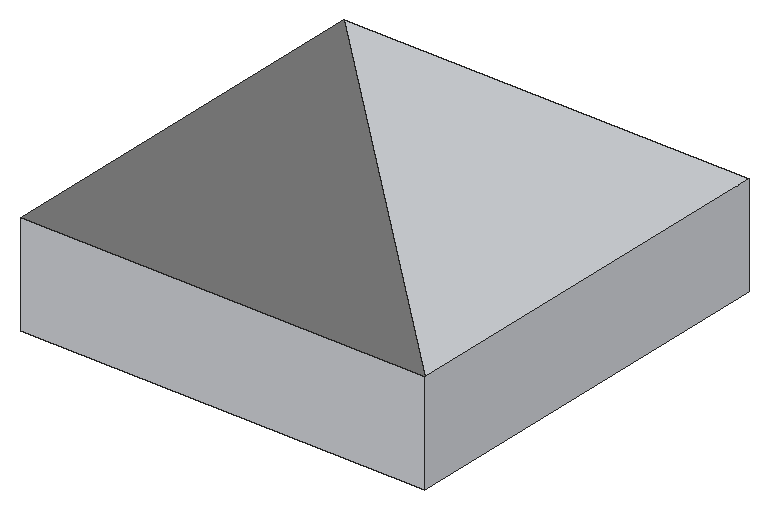
Revit family "電線管用ファミリ(片側のみ)_13", category Electrical Fixtures, Revit 2021
Family settings
  Maintain Annotation Orientation = Yes
  Round Connector Dimension = Use Diameter
  Part Type = Normal
  OmniClass Number = 23.80.00.00
  OmniClass Title = Electric Power and Lighting
  Work Plane-Based = No
  Always vertical = Yes
  Cut with Voids When Loaded = No
  Shared = No
  Room Calculation Point = No
Parameters
  コネクタ直径 [instance] = 16 mm
  W [instance] = 200 mm
  Default Elevation = 0 mm
  D [instance] = 200 mm
Reference planes
  plane 1 "Center (Front/Back)": y = 0
  plane 2: z = 0
  plane 3 "Center (Left/Right)": x = 0
  plane 4: x = -100
  plane 5: x = 100
  plane 6: y = 100
  plane 7: y = -100
  plane 8: z = 50
Forms (mm)
  Extrusion 1, solid
    sketch origin (0, 0, 0) x (1, 0, 0) y (0, 1, 0)
      loop
        line (-100, 100) -> (-100, -100) -> (100, -100) -> (100, 100) -> (-100, 100)
    from 0 to 50
  Extrusion 2, solid, material "Default Solid Fill"
    sketch origin (0, 0, 0) x (1, 0, 0) y (0, 1, 0)
      loop
        line (-100, 100) -> (-100, -100) -> (100, -100) -> (-100, 100)
    from 0 to 50
Dimensions and locks
  equal spacing: plane 4, plane 3 "Center (Left/Right)", plane 5
  "W": plane 4 to plane 5
  equal spacing: plane 6, plane 1 "Center (Front/Back)", plane 7
  "D": plane 6 to plane 7
  aligned and locked: level to plane 2
  aligned and locked: Extrusion 1 sketch curve to plane 6
  aligned and locked: plane 4 to Extrusion 1 sketch curve
  aligned and locked: plane 7 to Extrusion 1 sketch curve
  aligned and locked: Extrusion 1 sketch curve to plane 5
  aligned and locked: plane 8 to Extrusion 1
  aligned and locked: plane 8 to Extrusion 2
Automatic sketch dimensions
  Extrusion 2 sketch curve to plane 4 = 0 mm
  Extrusion 2 sketch curve to plane 5 = 0 mm
  Extrusion 2 sketch curve to plane 7 = 0 mm
  Extrusion 2 sketch curve to plane 6 = 0 mm
Connectors
  cabletrayconduit at (0, 0, 50), diameter 16
    settings: on Extrusion 1, index 1, connector width 300 mm, connector height 300 mm, connector angle 0.00°, system type 32, placement type 0, profile type 0, connector reference index -1, is primary connector yes, connector utility param no, connector description ""
